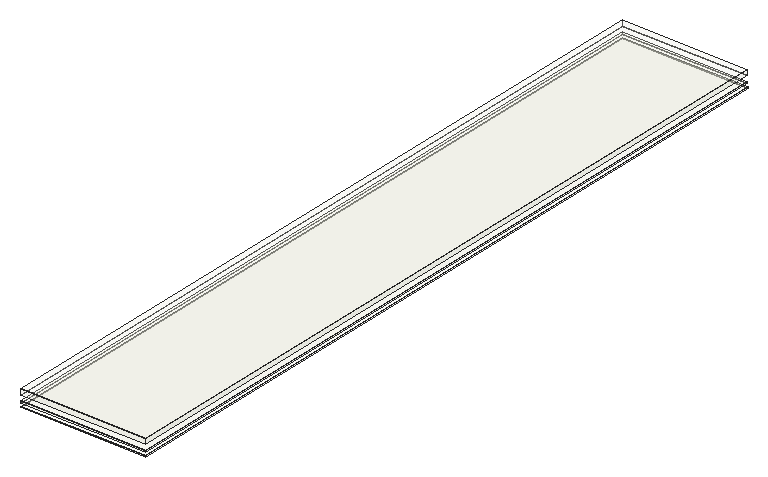
Revit family "BMDS_FAIR_Trilite 3.0 Energysaver (1)", category Windows, host Face, Revit 2015
Parameters (values of type "ES 0.9")
  Width = 1000 mm
  WeightOuter = 3.05 kg/m²  # constant formula
  WeightInner = 1.53 kg/m²  # constant formula
  WarrantyStartDate [instance] = "1900-12-31T23:59:59"
  WarrantyGuarantorParts = "n/a"
  WarrantyGuarantorLabour = "n/a"
  WarrantyDurationUnit = "year"
  WarrantyDurationParts = "n/a"
  WarrantyDurationLabour = "n/a"
  WarrantyDescription = "n/a"
  Visual Light Transmittance = VisibleLightTransmittance  # 0.52
  VisibleLightTransmittance = 0.52
  VisibleLightReflectance = 0.4
  Version = "1.0"
  Uniclass2 = "Pr_30_59_72_30"
  UV Protection = "Superlife™ surface protection and UV stabilised resin system to protect against discolourationand degradation to prevent significant discolouration for at least 20 years. Performance proven by accelerated weathering test showing delta E less than 10 and light transmission reduced  by less than 12% after 3000 hours exposure to QUV testing, comprising cycles of 4 hours of UVA340nm at 60°C and 4 hours condensation at 40°C."  # constant formula
  URL = "http://www.brettmartin.com/en-gb/daylight-systems/about-us.aspx"
  TotalSolarTransmittance (GValue) = 0.43
  ThermalTransmittanceWinter = 0
  ThermalTransmittanceSummer = 0
  ThermalTransmittance = 0.9
  TagNumber [instance] = "n/a"
  SystemManufacturer = Manufacturer  # "Brett Martin Daylight Systems Ltd"
  SustainabilityPerformance = "n/a"
  SolarTransmittance = 0.46
  SolarReflectance = 0.37
  SolarHeatGainTransmittance = 0
  SolarAbsorption = 0.17
  SmokeStop = no
  Size = ""
  Shape = "Corrugated"  # constant formula
  ShadingCoefficient = 0.49
  SeviceLifeDuration = 25  # constant formula
  SerialNumber [instance] = "n/a"
  SecurityRating = "n/a"
  Rough Width = Width  # 1000 mm
  Rough Height = Height  # 135 mm
  Rooflight Outer = Rooflight Outer : Trilite 3.0 GRP
  Rooflight Liner = Rooflight Liner : Trilite FAIR liner
  Rooflight Imtermediate = Rooflight Intermediate : 2 x Cleartherm (Gap)
  Roof Thickness = 400 mm
  ReplacementCost = "n/a"
  Reflectivity = 0
  Reference = "n/a"
  ProfileName = ""
  Process = "Replacement at service life intervals"
  PredefinedType = "BrettMartin_T30_Energysaver_FAIR_1000_135"  # constant formula
  Perimeter = Length * 2 + Width * 2  # 14000 mm
  O&MManual = "BMDS COSHH 02 - GRP FAIRs"  # constant formula
  NominalWidth = Width  # 1000 mm
  NominalLength = Length  # 6000 mm
  NominalHeight = Height  # 135 mm
  NetVolume = 135.00 m³
  Name = "RooflightSystem_FAIR_BMDS"
  NBSReference = "20-25-75/170"
  NBSDescription = "Rooflight system"
  ModelReference = "FAIR"
  ModelNumber = "n/a"
  ModelLabel = PredefinedType  # "BrettMartin_T30_Energysaver_FAIR_1000_135"
  MethodOfMeasurement = PredefinedType  # "BrettMartin_T30_Energysaver_FAIR_1000_135"
  Material = "GRP"  # constant formula
  ManufacturerURL = "http://www.brettmartin.com"
  Manufacturer = "Brett Martin Daylight Systems Ltd"  # constant formula
  Length = 6000 mm
  Layername = "BrettMartin_T30_Energysaver_FAIR"
  IsWired = no
  IsTempered = no
  IsLaminated = no
  IsExternal = yes
  IsCoated = no
  Intermediate Position = 50 mm
  InstallationInstructions = "To be fully fixed in accordance with BMDS Technical Bulletin 125."  # constant formula
  InstallationDate [instance] = "1900-12-31T23:59:59"
  Infiltration = 0
  IfcExportType = "SKYLIGHT"
  IfcExportAs = "IfcWindowStyle"
  Height = 135 mm
  GrossVolume = NominalLength * NominalWidth * NominalHeight  # 0.81 m³
  GrossArea = NominalLength * NominalWidth  # 6.00 m²
  Grade = "n/a"
  GlazingAreaFraction = 0
  GlassThickness3 = 0 mm
  GlassThickness2 = 0 mm
  GlassThickness1 = 0 mm
  GlassLayers = 0
  GlassColour = "n/a"
  FragilityClass = "To be Class B non-fragile to ACR[M]001 when fully fixed.  Expected period of non-fragility to be 25 years, in accordance with NARM Technical Document NTD03."  # constant formula
  FireRating = "Outer- SAB (to BS476 Pt3). Inner-Class 1 (to BS476 Pt7) [alternative fire ratings available]"  # constant formula
  Finish = "n/a"
  FillGas = "n/a"
  Features = "Various layer options"
  FFactor = 0.8
  ExpectedLife = "25 Years"
  DurationUnit = "year"
  Documentation = "http://www.brettmartin.com/en-gb/daylight-systems/about-us.aspx"
  DocumentReference = "http://www.brettmartin.com/en-gb/daylight-systems/about-us.aspx"
  Description = Construction Type  # "Trilite_Energysaver_FAIR"
  Default Elevation = 0 mm
  Construction Type = "Trilite_Energysaver_FAIR"
  Constituents = "n/a"
  Color = "Natural clear translucent"
  CodePerformance = "n/a"
  Category = "n/a"
  BeamRadiationTransmittance = 0
  BarCode [instance] = "n/a"
  BREGreenGuideRating = "TBC"
  BRECertifiedEnvironmentalProfileEmbodiedCarbon = 0.00 kg/m²
  BREApprovedEnvironmentalProfileEcopointScore = 0
  BIMObjectName = "BrettMartin_RooflightSystem_FAIR"  # constant formula
  BBACertificateNo = "04/4114"  # constant formula
  Author = "BMDS"  # constant formula
  AssetType = "Fixed"
  AssetIdentifier [instance] = "n/a"
  AcousticRating = "30 dB (approx sound attenuation)"  # constant formula
  AccessibilityPerformance = "n/a"
Types (5, lengths in mm): name | Visual Light Transmittance | VisibleLightTransmittance | VisibleLightReflectance | TotalSolarTransmittance (GValue) | ThermalTransmittance | SolarTransmittance | SolarReflectance | SolarAbsorption | ShadingCoefficient | Rooflight Imtermediate
  (no name) | 0.52 | 0.52 | 0.4 | 0.43 | 0.9 | 0.46 | 0.37 | 0.17 | 0.49 | Rooflight Intermediate : 2 x Cleartherm (Gap)
  ES 1.9 | 0.61 | 0.61 | 0.21 | 0.57 | 1.9 | 0.52 | 0.2 | 0.28 | 0.66 | Rooflight Intermediate : Energysaver Membrane
  ES 1.3 | 0.57 | 0.57 | 0.29 | 0.51 | 1.3 | 0.5 | 0.27 | 0.23 | 0.58 | Rooflight Intermediate : 1 x Cleartherm
  ES 1.0 | 0.52 | 0.52 | 0.4 | 0.43 | 1 | 0.46 | 0.37 | 0.17 | 0.49 | Rooflight Intermediate : 2 x Cleartherm (No Gap)
  ES 0.9 | 0.52 | 0.52 | 0.4 | 0.43 | 0.9 | 0.46 | 0.37 | 0.17 | 0.49 | Rooflight Intermediate : 2 x Cleartherm (Gap)
Reference planes
  plane 1 "Center (Front/Back)": y = 0
  plane 2: z = 0
  plane 3 "Center (Left/Right)": x = 0
  plane 4: x = -500
  plane 5: x = 500
  plane 6: y = -3000
  plane 7: y = 3000
  plane 8: z = -400
  plane 9: z = -85
  plane 10 "Inner": z = -135
Forms (mm)
  Extrusion 1, void
    sketch origin (0, 0, 0) x (1, 0, 0) y (0, 1, 0)
      loop
        line (-500, 3000) -> (-500, -3000) -> (500, -3000) -> (500, 3000) -> (-500, 3000)
    from -400 to 0
Lines and regions (mm)
  model lines, style "WindowsGlassProjection"
    curve 1: line (-166.667, 3000, 0) -> (-166.667, -3000, 0)
    curve 2: line (166.667, 3000, 0) -> (166.667, -3000, 0)
Dimensions and locks
  equal spacing: plane 7, plane 1 "Center (Front/Back)", plane 6
  "Length": plane 7 to plane 6
  equal spacing: plane 4, plane 3 "Center (Left/Right)", plane 5
  "Width": plane 4 to plane 5
  "Roof Thickness": plane 2 to plane 8
  "Height": plane 2 to plane 10 "Inner"
  "Intermediate Position": plane 9 to plane 10 "Inner"
  equal spacing: plane 4, curve 1, curve 2, plane 5
  aligned and locked: plane 2 to host face
  aligned and locked: level to host face
  aligned and locked: Extrusion 1 sketch curve to plane 7
  aligned and locked: Extrusion 1 sketch curve to plane 5
  aligned and locked: plane 6 to Extrusion 1 sketch curve
  aligned and locked: Extrusion 1 to plane 8
  aligned and locked: Extrusion 1 to plane 2
  aligned and locked: nested 1 to plane 3 "Center (Left/Right)"
  aligned and locked: nested 1 to plane 1 "Center (Front/Back)"
  aligned and locked: plane 1 "Center (Front/Back)" to nested 2
  aligned and locked: nested 2 to plane 3 "Center (Left/Right)"
  aligned and locked: plane 9 to nested 2
  aligned and locked: nested 3 to plane 3 "Center (Left/Right)"
  aligned and locked: plane 1 "Center (Front/Back)" to nested 3
  aligned and locked: nested 1 to plane 10 "Inner"
  aligned and locked: plane 6 to curve 2
  aligned and locked: plane 6 to curve 1
  aligned and locked: plane 7 to curve 2
  aligned and locked: plane 7 to curve 1
Automatic sketch dimensions
  host sketch curve to host sketch curve = 3034.609 mm
  host sketch curve to host sketch curve = 7650.986 mm
  plane 4 to Extrusion 1 sketch curve = 0 mm
Nested families
  nested 1: "Rooflight Liner" at (0, 0, -125) x (-1, 0, 0) z (0, 0, 1), Length <- "Length", Width <- "Width", type "Trilite FAIR liner"
    with Width 1000 mm, Length 6000 mm, Thickness 10 mm
  nested 2: "Rooflight Intermediate" at (0, 0, -85), Width <- "Width", Length <- "Length", type <- "Rooflight Imtermediate", type "2 x Cleartherm (Gap)"
    with Width 1000 mm, Length 6000 mm, Thickness 20 mm
  nested 3: "Rooflight Outer" at (0, 0, 0), Width <- "Width", Length <- "Length", type <- "Rooflight Outer", type "Trilite 3.0 GRP"
    with Width 1000 mm, Length 6000 mm, Thickness 45.017 mm
Definition of nested family "Rooflight Liner"
  Parameters
    Width [instance] = 1000 mm
    Thickness = 45.017 mm
    Rooflight Liner = none
    Length [instance] = 1000 mm
  Reference planes
    plane 1 "Center (Front/Back)": y = 0
    plane 2: z = 0
    plane 3 "Center (Left/Right)": x = 0
    plane 4: x = -500
    plane 5: x = 500
    plane 6: y = 500
    plane 7: y = -500
    plane 8: z = -45.017
  Forms (mm)
    Extrusion 1, solid, material <- "Rooflight Liner"
      sketch origin (0, 0, 0) x (1, 0, 0) y (0, 1, 0)
        loop
          line (-500, 500) -> (-500, -500) -> (500, -500) -> (500, 500) -> (-500, 500)
      from -45.017 to 0
  Dimensions and locks
    equal spacing: plane 7, plane 1 "Center (Front/Back)", plane 6
    "Length": plane 7 to plane 6
    equal spacing: plane 4, plane 3 "Center (Left/Right)", plane 5
    "Width": plane 4 to plane 5
    "Thickness": plane 2 to plane 8
    aligned and locked: level to plane 2
    aligned and locked: Extrusion 1 to plane 8
  Automatic sketch dimensions
    Extrusion 1 sketch curve to plane 4 = 0 mm
    Extrusion 1 sketch curve to plane 5 = 0 mm
    plane 7 to Extrusion 1 sketch curve = 0 mm
    plane 6 to Extrusion 1 sketch curve = 0 mm
Definition of nested family "Rooflight Intermediate"
  Parameters
    Width [instance] = 1000 mm
    Thickness = 5 mm
    Length [instance] = 1000 mm
    Intermediate Material = none
  Reference planes
    plane 1 "Center (Front/Back)": y = 0
    plane 2: z = 0
    plane 3 "Center (Left/Right)": x = 0
    plane 4: x = -500
    plane 5: x = 500
    plane 6: y = 500
    plane 7: y = -500
    plane 8: z = -5
  Forms (mm)
    Extrusion 1, solid, material <- "Intermediate Material"
      sketch origin (0, 0, 0) x (1, 0, 0) y (0, 1, 0)
        loop
          line (-500, 500) -> (-500, -500) -> (500, -500) -> (500, 500) -> (-500, 500)
      from -5 to 0
  Dimensions and locks
    equal spacing: plane 7, plane 1 "Center (Front/Back)", plane 6
    "Length": plane 7 to plane 6
    equal spacing: plane 4, plane 3 "Center (Left/Right)", plane 5
    "Width": plane 4 to plane 5
    "Thickness": plane 2 to plane 8
    aligned and locked: level to plane 2
    aligned and locked: Extrusion 1 to plane 8
  Automatic sketch dimensions
    Extrusion 1 sketch curve to plane 4 = 0 mm
    Extrusion 1 sketch curve to plane 5 = 0 mm
    plane 7 to Extrusion 1 sketch curve = 0 mm
    plane 6 to Extrusion 1 sketch curve = 0 mm
Definition of nested family "Rooflight Outer"
  Parameters
    Width [instance] = 1000 mm
    Thickness = 10 mm
    Rooflight Outer = none
    Length [instance] = 1000 mm
  Reference planes
    plane 1 "Center (Front/Back)": y = 0
    plane 2: z = 0
    plane 3 "Center (Left/Right)": x = 0
    plane 4: x = -500
    plane 5: x = 500
    plane 6: y = 500
    plane 7: y = -500
    plane 8: z = -10
  Forms (mm)
    Extrusion 1, solid, material <- "Rooflight Outer"
      sketch origin (0, 0, 0) x (1, 0, 0) y (0, 1, 0)
        loop
          line (-500, 500) -> (-500, -500) -> (500, -500) -> (500, 500) -> (-500, 500)
      from -10 to 0
  Dimensions and locks
    equal spacing: plane 7, plane 1 "Center (Front/Back)", plane 6
    "Length": plane 7 to plane 6
    equal spacing: plane 4, plane 3 "Center (Left/Right)", plane 5
    "Width": plane 4 to plane 5
    "Thickness": plane 2 to plane 8
    aligned and locked: level to plane 2
    aligned and locked: Extrusion 1 to plane 8
  Automatic sketch dimensions
    Extrusion 1 sketch curve to plane 4 = 0 mm
    Extrusion 1 sketch curve to plane 5 = 0 mm
    plane 7 to Extrusion 1 sketch curve = 0 mm
    plane 6 to Extrusion 1 sketch curve = 0 mm
